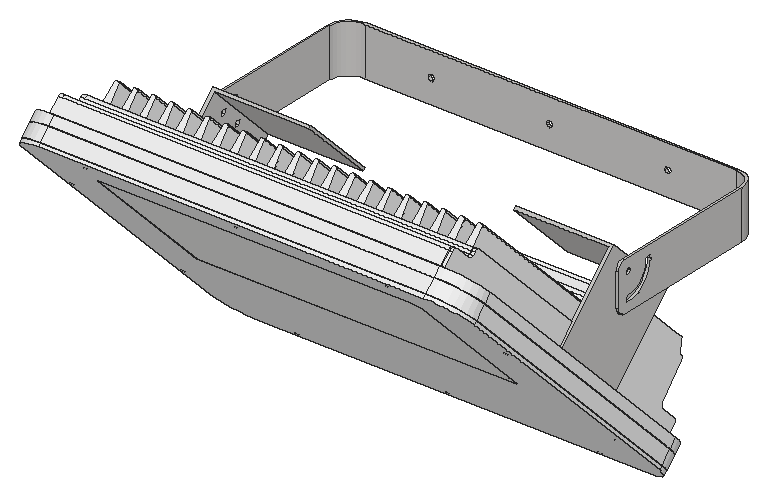
Revit family "FT ATEX LED MAX_2021", category Luminarias, Revit 2021 (continued)
Types (12, lengths in mm): name | Wattage | Power | Position | Archivo de red fotométrica | built-in parameter 1150142 | Modules | Lumens | built-in parameter 1150105 | built-in parameter 1150106 | Equiv MH
  PA104C | 45.1051 W | 48 W | 90.00° | "PA104C.ies" | "IESNA:LM-63-2002\r\n[TEST] 2020-10-3/Converted LDT Editor version 1.3.0.0 - DIAL GmbH (www.dial.de) on 05-10-2020\r\n[TESTLAB] ies2eulumdat.appspot.com\r\n[ISSUEDATE] 2020-10-06T06:27:59.875\r\n[MANUFAC] AIRFAL INTERNATIONAL S.L.\r\n[LUMCAT] PA104C\r\n[LUMINAIRE] LED MAX 50W 7122lm\r\n[LAMPCAT] TRIDONIC LED MODULE\r\n[LAMP] TRIDONIC LED MODULE\r\nTILT=NONE\r\n1\t7122\t1\t91\t72\t1\t2\t0.223\t0.100\t0.003\r\n1.0\t1.0\t55.00\r\n0\t 2\t 4\t 6\t 8\t 10\t 12\t 14\t 16\t 18\r\n20\t 22\t 24\t 26\t 28\t 30\t 32\t 34\t 36\t 38\r\n40\t 42\t 44\t 46\t 48\t 50\t 52\t 54\t 56\t 58\r\n60\t 62\t 64\t 66\t 68\t 70\t 72\t 74\t 76\t 78\r\n80\t 82\t 84\t 86\t 88\t 90\t 92\t 94\t 96\t 98\r\n100\t 102\t 104\t 106\t 108\t 110\t 112\t 114\t 116\t 118\r\n120\t 122\t 124\t 126\t 128\t 130\t 132\t 134\t 136\t 138\r\n140\t 142\t 144\t 146\t 148\t 150\t 152\t 154\t 156\t 158\r\n160\t 162\t 164\t 166\t 168\t 170\t 172\t 174\t 176\t 178\r\n180\r\n0\t 5\t 10\t 15\t 20\t 25\t 30\t 35\t 40\t 45\r\n50\t 55\t 60\t 65\t 70\t 75\t 80\t 85\t 90\t 95\r\n100\t 105\t 110\t 115\t 120\t 125\t 130\t 135\t 140\t 145\r\n150\t 155\t 160\t 165\t 170\t 175\t 180\t 185\t 190\t 195\r\n200\t 205\t 210\t 215\t 220\t 225\t 230\t 235\t 240\t 245\r\n250\t 255\t 260\t 265\t 270\t 275\t 280\t 285\t 290\t 295\r\n300\t 305\t 310\t 315\t 320\t 325\t 330\t 335\t 340\t 345\r\n350\t 355\r\n4123.2107\t4094.7939\t4061.9615\t4018.9446\t3957.6242\t3876.4334\t3782.9215\t3679.795\t3569.2615\t3440.0684\r\n3311.5163\t3188.2345\t3072.502\t2964.3901\t2858.1298\t2751.371\t2639.1995\t2526.8856\t2401.8945\t2265.8643\r\n2118.5813\t1947.2972\t1770.8853\t1589.9153\t1395.912\t1189.8013\t978.4916\t758.0657\t539.2778\t322.4842\r\n147.9239\t66.5907\t50.7799\t46.934\t42.091\t34.7554\t30.1973\t28.2031\t26.2802\t24.8558\r\n23.4314\t22.0782\t20.6538\t19.5143\t19.0157\t17.5201\t0\t0\t0\t0\r\n0\t0\t0\t0\t0\t0\t0\t0\t0\t0\r\n0\t0\t0\t0\t0\t0\t0\t0\t0\t0\r\n0\t0\t0\t0\t0\t0\t0\t0\t0\t0\r\n0\t0\t0\t0\t0\t0\t0\t0\t0\t0\r\n0\r\n4123.3531\t4096.0759\t4063.101\t4020.9388\t3960.5442\t3882.0598\t3789.545\t3686.917\t3576.7396\t3449.5407\r\n3318.852\t3196.0687\t3079.2679\t2967.7374\t2861.3347\t2753.7213\t2644.4698\t2533.3666\t2407.5209\t2271.9892\r\n2117.6555\t1948.3655\t1771.0277\t1588.847\t1398.5471\t1189.8013\t981.554\t765.5438\t547.4681\t329.891\r\n152.5532\t68.3712\t50.8511\t46.8628\t41.5925\t35.0402\t30.2685\t27.9895\t25.9241\t24.4997\r\n23.0753\t21.7221\t20.5826\t19.4431\t18.9445\t17.8762\t0\t0\t0\t0\r\n0\t0\t0\t0\t0\t0\t0\t0\t0\t0\r\n0\t0\t0\t0\t0\t0\t0\t0\t0\t0\r\n0\t0\t0\t0\t0\t0\t0\t0\t0\t0\r\n0\t0\t0\t0\t0\t0\t0\t0\t0\t0\r\n0\r\n4123.0682\t4095.8622\t4064.0981\t4022.5056\t3962.8232\t3885.7632\t3792.6074\t3690.1931\t3580.3718\t3452.3183\r\n3321.6296\t3198.7751\t3080.3362\t2969.0194\t2861.4772\t2753.0091\t2642.8318\t2531.7998\t2405.5979\t2269.5677\r\n2116.0886\t1947.0836\t1769.0336\t1583.7191\t1392.2798\t1182.9642\t970.1588\t758.3506\t541.6281\t323.6949\r\n150.2742\t69.7956\t51.9906\t47.2189\t42.091\t38.53\t32.6188\t29.2002\t26.8499\t24.9982\r\n23.645\t22.2919\t21.0811\t20.0128\t19.5143\t18.3035\t0\t0\t0\t0\r\n0\t0\t0\t0\t0\t0\t0\t0\t0\t0\r\n0\t0\t0\t0\t0\t0\t0\t0\t0\t0\r\n0\t0\t0\t0\t0\t0\t0\t0\t0\t0\r\n0\t0\t0\t0\t0\t0\t0\t0\t0\t0\r\n0\r\n4123.7092\t4098.3549\t4067.4454\t4027.7047\t3971.6545\t3896.7311\t3804.6436\t3701.9444\t3593.3339\t3465.6364\r\n3334.0219\t3208.2473\t3089.3099\t2977.0672\t2869.6675\t2759.5613\t2648.8855\t2534.9335\t2412.9336\t2277.5444\r\n2116.8721\t1951.9978\t1774.7312\t1587.9211\t1394.8437\t1185.9554\t977.6369\t763.6921\t547.3969\t329.9623\r\n157.6811\t74.9947\t54.2696\t47.7886\t42.8744\t40.7378\t35.4676\t30.9807\t28.0607\t26.2802\r\n24.4285\t22.7904\t21.2236\t20.0128\t19.6567\t18.8021\t0\t0\t0\t0\r\n0\t0\t0\t0\t0\t0\t0\t0\t0\t0\r\n0\t0\t0\t0\t0\t0\t0\t0\t0\t0\r\n0\t0\t0\t0\t0\t0\t0\t0\t0\t0\r\n0\t0\t0\t0\t0\t0\t0\t0\t0\t0\r\n0\r\n4121.6438\t4097.2866\t4068.0864\t4028.6305\t3976.1414\t3902.0014\t3812.1217\t3708.4966\t3598.1768\t3470.6218\r\n3336.9419\t3210.8825\t3092.3724\t2979.3463\t2869.7387\t2759.2052\t2646.1079\t2530.4466\t2408.0194\t2274.4107\r\n2119.0087\t1949.2202\t1771.1702\t1583.5767\t1389.7159\t1179.4744\t971.3696\t757.1398\t538.7793\t323.8373\r\n155.7581\t77.5586\t55.694\t47.9311\t43.2305\t42.1622\t37.1768\t32.6188\t29.9124\t27.847\r\n25.8529\t24.2148\t22.5767\t21.0099\t20.4401\t19.2294\t0\t0\t0\t0\r\n0\t0\t0\t0\t0\t0\t0\t0\t0\t0\r\n0\t0\t0\t0\t0\t0\t0\t0\t0\t0\r\n0\t0\t0\t0\t0\t0\t0\t0\t0\t0\r\n0\t0\t0\t0\t0\t0\t0\t0\t0\t0\r\n0\r\n4123.3531\t4100.0642\t4071.6474\t4034.613\t3985.4\t3914.3936\t3826.6506\t3723.3104\t3611.8511\t3485.4356\r\n3352.0405\t3221.2806\t3102.6993\t2989.1746\t2875.8636\t2763.2648\t2648.2445\t2534.5774\t2411.7229\t2277.0458\r\n2117.0857\t1948.6504\t1769.7458\t1587.7787\t1392.9208\t1187.5935\t980.2009\t761.4842\t545.1179\t330.3896\r\n160.886\t81.4045\t57.617\t47.7886\t43.0169\t41.3076\t38.7437\t33.1885\t30.1973\t28.1319\r\n26.209\t24.4997\t22.8616\t21.0811\t20.2265\t19.4431\t0\t0\t0\t0\r\n0\t0\t0\t0\t0\t0\t0\t0\t0\t0\r\n0\t0\t0\t0\t0\t0\t0\t0\t0\t0\r\n0\t0\t0\t0\t0\t0\t0\t0\t0\t0\r\n0\t0\t0\t0\t0\t0\t0\t0\t0\t0\r\n0\r\n4122.997\t4101.4174\t4073.0006\t4039.3135\t3991.3825\t3923.0825\t3837.9034\t3732.9251\t3620.6824\t3493.7683\r\n3358.0942\t3227.2631\t3106.3315\t2991.7385\t2876.006\t2761.4131\t2647.4611\t2533.5803\t2409.4438\t2271.7043\r\n2116.516\t1944.0923\t1764.4043\t1578.3776\t1382.6651\t1177.9788\t972.0106\t754.0774\t536.0017\t321.7007\r\n158.2508\t81.262\t58.0443\t47.575\t42.8032\t39.6695\t38.4588\t33.331\t30.4822\t28.5592\r\n26.5651\t24.7846\t23.1465\t21.366\t20.5826\t19.5143\t0\t0\t0\t0\r\n0\t0\t0\t0\t0\t0\t0\t0\t0\t0\r\n0\t0\t0\t0\t0\t0\t0\t0\t0\t0\r\n0\t0\t0\t0\t0\t0\t0\t0\t0\t0\r\n0\t0\t0\t0\t0\t0\t0\t0\t0\t0\r\n0\r\n4122.997\t4103.1266\t4077.8435\t4045.0111\t3999.7864\t3936.6143\t3853.9279\t3751.6559\t3638.4874\t3510.7899\r\n3373.9051\t3241.8632\t3118.795\t2999.2879\t2885.9056\t2770.6717\t2656.506\t2541.9842\t2417.1356\t2279.5385\r\n2116.0886\t1941.2435\t1761.8404\t1579.5172\t1386.9383\t1179.1895\t975.2155\t759.6325\t543.9071\t327.1847\r\n161.9543\t84.1108\t59.6111\t48.2159\t42.8744\t38.6012\t37.4617\t33.4022\t30.2685\t28.2031\r\n26.0665\t24.2148\t22.2919\t20.5114\t19.8704\t19.1582\t0\t0\t0\t0\r\n0\t0\t0\t0\t0\t0\t0\t0\t0\t0\r\n0\t0\t0\t0\t0\t0\t0\t0\t0\t0\r\n0\t0\t0\t0\t0\t0\t0\t0\t0\t0\r\n0\t0\t0\t0\t0\t0\t0\t0\t0\t0\r\n0\r\n4123.4243\t4104.9784\t4080.4075\t4048.4297\t4006.4099\t3946.1578\t3864.967\t3763.4785\t3648.6718\t3523.3958\r\n3384.3744\t3251.193\t3126.4156\t3005.9825\t2891.1047\t2776.2268\t2660.1382\t2543.1238\t2416.0673\t2276.761\r\n2119.0087\t1938.3235\t1758.1369\t1576.0986\t1380.1724\t1172.9934\t965.2447\t750.6588\t536.5715\t319.849\r\n158.0372\t84.6094\t60.6082\t48.572\t43.5154\t39.2422\t37.1768\t34.1856\t30.5534\t28.4168\r\n26.209\t24.1436\t22.2206\t20.5826\t19.6567\t18.8733\t0\t0\t0\t0\r\n0\t0\t0\t0\t0\t0\t0\t0\t0\t0\r\n0\t0\t0\t0\t0\t0\t0\t0\t0\t0\r\n0\t0\t0\t0\t0\t0\t0\t0\t0\t0\r\n0\t0\t0\t0\t0\t0\t0\t0\t0\t0\r\n0\r\n4122.997\t4107.0437\t4084.1109\t4053.6287\t4014.3153\t3957.8378\t3879.9232\t3781.782\t3667.6876\t3543.4799\r\n3402.8916\t3268.0009\t3141.3005\t3018.8734\t2902.0013\t2787.3371\t2668.8271\t2549.3911\t2421.4088\t2285.3786\r\n2114.7355\t1939.3918\t1761.1282\t1578.805\t1385.87\t1176.6256\t969.5891\t755.1457\t541.2008\t325.9739\r\n161.8831\t88.4552\t62.4599\t49.854\t44.5125\t39.812\t36.6071\t34.4705\t30.5534\t27.6334\r\n25.8529\t23.8587\t21.6509\t20.084\t19.087\t18.5172\t0\t0\t0\t0\r\n0\t0\t0\t0\t0\t0\t0\t0\t0\t0\r\n0\t0\t0\t0\t0\t0\t0\t0\t0\t0\r\n0\t0\t0\t0\t0\t0\t0\t0\t0\t0\r\n0\t0\t0\t0\t0\t0\t0\t0\t0\t0\r\n0\r\n4123.8517\t4109.4652\t4088.3129\t4058.0444\t4019.5856\t3963.8203\t3889.3954\t3792.3226\t3680.3647\t3558.9346\r\n3416.4946\t3278.8976\t3150.6304\t3027.0637\t2909.0521\t2790.3284\t2669.7529\t2549.4623\t2422.9756\t2283.9542\r\n2119.0087\t1936.1869\t1756.9262\t1573.6771\t1381.668\t1169.7885\t964.5325\t745.9583\t532.2271\t320.9173\r\n159.604\t89.025\t63.5995\t50.1389\t44.7262\t40.1681\t37.0344\t34.7554\t31.0519\t28.1319\r\n26.2802\t24.1436\t22.1494\t20.5114\t19.3718\t18.5172\t0\t0\t0\t0\r\n0\t0\t0\t0\t0\t0\t0\t0\t0\t0\r\n0\t0\t0\t0\t0\t0\t0\t0\t0\t0\r\n0\t0\t0\t0\t0\t0\t0\t0\t0\t0\r\n0\t0\t0\t0\t0\t0\t0\t0\t0\t0\r\n0\r\n4122.997\t4109.4652\t4091.5178\t4062.6737\t4024.7846\t3972.0106\t3899.5087\t3807.35\t3699.0244\t3581.2977\r\n3441.8489\t3299.765\t3166.5836\t3040.2394\t2920.3049\t2799.8006\t2679.0115\t2557.9375\t2429.9552\t2291.4323\r\n2123.2819\t1936.543\t1754.5047\t1573.0361\t1380.1724\t1171.7114\t967.8798\t751.6559\t539.1354\t326.6149\r\n162.5953\t91.0904\t64.4541\t50.7086\t44.5125\t40.0969\t37.1768\t33.9007\t31.1231\t28.2031\r\n26.3514\t24.4285\t22.2919\t20.5826\t19.4431\t18.5172\t0\t0\t0\t0\r\n0\t0\t0\t0\t0\t0\t0\t0\t0\t0\r\n0\t0\t0\t0\t0\t0\t0\t0\t0\t0\r\n0\t0\t0\t0\t0\t0\t0\t0\t0\t0\r\n0\t0\t0\t0\t0\t0\t0\t0\t0\t0\r\n0\r\n4123.8517\t4112.955\t4096.6456\t4069.3684\t4030.411\t3978.2068\t3908.696\t3817.7481\t3714.3367\t3599.8861\r\n3460.5086\t3315.0773\t3178.8335\t3049.7828\t2926.2161\t2804.5012\t2683.3559\t2558.7922\t2430.3113\t2287.6576\r\n2123.2819\t1937.0416\t1743.1095\t1556.2282\t1363.5781\t1161.3845\t956.7695\t742.5397\t529.948\t319.849\r\n157.325\t88.3128\t63.5995\t50.2813\t44.0852\t40.5242\t37.5329\t33.8295\t31.2656\t28.6304\r\n26.7787\t25.0694\t23.2889\t21.7221\t20.2265\t18.9445\t0\t0\t0\t0\r\n0\t0\t0\t0\t0\t0\t0\t0\t0\t0\r\n0\t0\t0\t0\t0\t0\t0\t0\t0\t0\r\n0\t0\t0\t0\t0\t0\t0\t0\t0\t0\r\n0\t0\t0\t0\t0\t0\t0\t0\t0\t0\r\n0\r\n4122.9258\t4114.4506\t4101.9159\t4076.2767\t4037.6755\t3985.6136\t3918.9517\t3834.1287\t3734.4207\t3623.0326\r\n3487.9995\t3340.6453\t3201.0541\t3067.1605\t2940.3889\t2814.8281\t2692.8994\t2568.8342\t2437.9318\t2295.7055\r\n2123.7092\t1933.6942\t1742.1124\t1548.394\t1352.539\t1157.1826\t963.2505\t748.8071\t538.0671\t327.8257\r\n160.0313\t87.5294\t62.6736\t49.854\t43.6579\t41.2364\t37.1768\t33.2597\t30.5534\t28.3456\r\n26.4226\t24.8558\t23.3602\t21.7933\t20.2977\t19.4431\t0\t0\t0\t0\r\n0\t0\t0\t0\t0\t0\t0\t0\t0\t0\r\n0\t0\t0\t0\t0\t0\t0\t0\t0\t0\r\n0\t0\t0\t0\t0\t0\t0\t0\t0\t0\r\n0\t0\t0\t0\t0\t0\t0\t0\t0\t0\r\n0\r\n4122.5697\t4116.4448\t4106.4028\t4080.9772\t4044.7262\t3991.4537\t3925.8601\t3846.3073\t3750.0179\t3640.2679\r\n3507.7987\t3360.5157\t3215.2269\t3077.2025\t2948.7929\t2819.8135\t2697.6712\t2570.8283\t2437.2908\t2291.9308\r\n2120.7892\t1929.7771\t1736.9134\t1540.3462\t1343.2092\t1146.9981\t957.1256\t747.3115\t535.5032\t323.6237\r\n156.9689\t83.6835\t60.3946\t49.3555\t43.8715\t42.6608\t37.1056\t32.9036\t30.1261\t28.1319\r\n26.2802\t24.8558\t23.4314\t22.0782\t20.5826\t19.5143\t0\t0\t0\t0\r\n0\t0\t0\t0\t0\t0\t0\t0\t0\t0\r\n0\t0\t0\t0\t0\t0\t0\t0\t0\t0\r\n0\t0\t0\t0\t0\t0\t0\t0\t0\t0\r\n0\t0\t0\t0\t0\t0\t0\t0\t0\t0\r\n0\r\n4124.1365\t4119.8633\t4111.9579\t4090.4495\t4053.4151\t4002.9913\t3941.2436\t3866.4626\t3772.5946\t3667.1178\r\n3538.8506\t3385.3715\t3239.5129\t3097.7851\t2964.034\t2834.556\t2709.28\t2580.5855\t2447.6177\t2300.406\r\n2122.7833\t1930.7742\t1742.0412\t1546.3999\t1349.0492\t1152.1972\t960.3305\t757.6384\t548.9638\t335.0901\r\n163.9484\t82.544\t59.6111\t49.213\t44.0852\t43.5154\t36.3934\t31.8353\t29.129\t26.9924\r\n25.0694\t23.645\t22.3631\t21.0811\t19.4431\t18.8021\t0\t0\t0\t0\r\n0\t0\t0\t0\t0\t0\t0\t0\t0\t0\r\n0\t0\t0\t0\t0\t0\t0\t0\t0\t0\r\n0\t0\t0\t0\t0\t0\t0\t0\t0\t0\r\n0\t0\t0\t0\t0\t0\t0\t0\t0\t0\r\n0\r\n4123.4243\t4121.1453\t4116.8721\t4096.0759\t4061.8903\t4011.2528\t3952.2827\t3880.9915\t3788.904\t3685.1365\r\n3558.8634\t3402.1082\t3251.4779\t3107.0437\t2969.5179\t2837.9033\t2710.9181\t2582.7221\t2446.6207\t2296.204\r\n2122.1423\t1933.1245\t1740.6168\t1538.7793\t1344.1351\t1148.6362\t952.069\t755.0032\t548.2516\t336.1584\r\n161.8831\t78.5557\t57.617\t48.7145\t44.014\t43.2305\t35.3963\t30.6246\t27.9182\t26.0665\r\n24.286\t23.1465\t21.8645\t20.2265\t19.1582\t18.1611\t0\t0\t0\t0\r\n0\t0\t0\t0\t0\t0\t0\t0\t0\t0\r\n0\t0\t0\t0\t0\t0\t0\t0\t0\t0\r\n0\t0\t0\t0\t0\t0\t0\t0\t0\t0\r\n0\t0\t0\t0\t0\t0\t0\t0\t0\t0\r\n0\r\n4124.1365\t4124.1365\t4122.2136\t4106.2603\t4073.4991\t4024.9271\t3968.4496\t3903.497\t3816.9647\t3714.6928\r\n3586.2119\t3426.3942\t3271.918\t3123.7804\t2982.4087\t2849.8683\t2722.4557\t2594.6158\t2456.1641\t2306.1748\r\n2128.6234\t1937.6825\t1740.688\t1541.2008\t1346.8414\t1151.0576\t961.6837\t766.7545\t562.3531\t351.8268\r\n169.646\t78.1996\t56.9048\t48.5008\t44.2988\t41.5925\t33.7583\t29.4851\t26.7787\t25.0694\r\n23.3602\t21.7933\t20.725\t19.3718\t18.3748\t17.5913\t0\t0\t0\t0\r\n0\t0\t0\t0\t0\t0\t0\t0\t0\t0\r\n0\t0\t0\t0\t0\t0\t0\t0\t0\t0\r\n0\t0\t0\t0\t0\t0\t0\t0\t0\t0\r\n0\t0\t0\t0\t0\t0\t0\t0\t0\t0\r\n0\r\n4124.1365\t4125.7034\t4126.9141\t4114.4506\t4085.5353\t4041.8774\t3987.038\t3925.9313\t3844.9541\t3744.4627\r\n3617.1214\t3456.1642\t3297.2723\t3146.0723\t3000.641\t2868.0294\t2740.2607\t2608.7174\t2470.4794\t2323.4813\r\n2145.4313\t1955.5588\t1755.5018\t1551.5277\t1356.8122\t1165.3729\t975.8564\t784.4883\t580.7279\t372.7655\r\n180.8988\t81.4757\t60.2521\t52.6316\t48.7145\t43.8715\t37.6042\t33.6158\t30.3397\t28.7017\r\n26.5651\t24.9982\t23.9299\t22.5767\t21.366\t20.7962\t0\t0\t0\t0\r\n0\t0\t0\t0\t0\t0\t0\t0\t0\t0\r\n0\t0\t0\t0\t0\t0\t0\t0\t0\t0\r\n0\t0\t0\t0\t0\t0\t0\t0\t0\t0\r\n0\t0\t0\t0\t0\t0\t0\t0\t0\t0\r\n0\r\n4124.1365\t4128.0536\t4131.1873\t4120.2907\t4093.5832\t4051.9907\t4000.4274\t3942.4543\t3861.1211\t3760.6297\r\n3634.2854\t3470.693\t3305.6051\t3150.844\t3005.3416\t2872.2314\t2742.1837\t2609.7145\t2470.693\t2324.3359\r\n2152.3396\t1959.5471\t1756.3564\t1546.756\t1355.7439\t1164.2333\t973.0076\t783.4912\t577.6654\t371.4835\r\n176.4119\t78.1996\t59.255\t52.7028\t48.9994\t43.5154\t38.6012\t34.2568\t30.9807\t29.2002\r\n27.3485\t25.568\t24.286\t22.7192\t21.6509\t20.7962\t0\t0\t0\t0\r\n0\t0\t0\t0\t0\t0\t0\t0\t0\t0\r\n0\t0\t0\t0\t0\t0\t0\t0\t0\t0\r\n0\t0\t0\t0\t0\t0\t0\t0\t0\t0\r\n0\t0\t0\t0\t0\t0\t0\t0\t0\t0\r\n0\r\n4124.5639\t4130.119\t4135.0332\t4126.0595\t4102.6281\t4062.8161\t4013.8168\t3959.5471\t3881.9885\t3780.8561\r\n3656.8621\t3499.3235\t3323.8374\t3166.0851\t3020.4402\t2884.5524\t2752.7242\t2617.6911\t2481.7321\t2334.3067\r\n2161.1709\t1972.7228\t1771.7399\t1560.9287\t1369.1333\t1177.6227\t983.9755\t790.3283\t585.5708\t381.9529\r\n183.89\t76.7752\t58.6853\t52.6316\t49.213\t45.0823\t40.1681\t34.7554\t31.5505\t29.6987\r\n27.4909\t25.7104\t24.4285\t22.7904\t21.7221\t20.7962\t0\t0\t0\t0\r\n0\t0\t0\t0\t0\t0\t0\t0\t0\t0\r\n0\t0\t0\t0\t0\t0\t0\t0\t0\t0\r\n0\t0\t0\t0\t0\t0\t0\t0\t0\t0\r\n0\t0\t0\t0\t0\t0\t0\t0\t0\t0\r\n0\r\n4123.3531\t4130.3327\t4138.1669\t4130.4039\t4108.3969\t4070.5079\t4020.9388\t3966.0994\t3892.2442\t3789.1889\r\n3666.8329\t3510.7899\t3330.7457\t3170.9993\t3022.7905\t2886.0481\t2754.4335\t2618.3321\t2482.017\t2331.3155\r\n2166.2987\t1980.2009\t1778.6483\t1567.2673\t1374.4036\t1177.6939\t984.6877\t783.2063\t577.3093\t378.8904\r\n176.6256\t73.5703\t57.7594\t52.3467\t48.7857\t45.0823\t40.0256\t35.5388\t32.69\t30.6246\r\n28.488\t26.6363\t25.2119\t23.5738\t22.2206\t20.7962\t0\t0\t0\t0\r\n0\t0\t0\t0\t0\t0\t0\t0\t0\t0\r\n0\t0\t0\t0\t0\t0\t0\t0\t0\t0\r\n0\t0\t0\t0\t0\t0\t0\t0\t0\t0\r\n0\t0\t0\t0\t0\t0\t0\t0\t0\t0\r\n0\r\n4123.9229\t4133.1103\t4142.8674\t4136.5288\t4116.516\t4080.9772\t4031.9066\t3975.2867\t3901.5028\t3800.9402\r\n3681.0057\t3531.871\t3349.7615\t3188.4482\t3036.1798\t2897.5145\t2765.5438\t2630.0122\t2490.4922\t2342.2834\r\n2174.4178\t1987.9639\t1788.1205\t1579.3747\t1387.7217\t1188.3769\t994.2312\t788.4054\t584.4313\t381.1694\r\n178.1212\t72.8581\t57.2609\t51.9906\t48.0735\t44.0852\t39.171\t35.61\t32.9749\t30.6958\r\n28.6304\t27.0636\t25.7104\t23.9299\t22.5767\t21.2236\t0\t0\t0\t0\r\n0\t0\t0\t0\t0\t0\t0\t0\t0\t0\r\n0\t0\t0\t0\t0\t0\t0\t0\t0\t0\r\n0\t0\t0\t0\t0\t0\t0\t0\t0\t0\r\n0\t0\t0\t0\t0\t0\t0\t0\t0\t0\r\n0\r\n4124.1365\t4134.321\t4144.363\t4140.5171\t4121.8575\t4085.0368\t4034.2569\t3974.1472\t3900.6482\t3802.0797\r\n3682.6438\t3541.6282\t3359.1625\t3194.5019\t3037.6042\t2898.5116\t2767.7516\t2629.3\t2488.7117\t2341.7848\r\n2176.8393\t1988.9609\t1782.2093\t1578.0928\t1384.8017\t1185.172\t985.3287\t782.9215\t576.7396\t361.94\r\n163.5211\t71.3624\t56.976\t51.4921\t47.6462\t43.8715\t39.0998\t36.0373\t33.331\t31.1944\r\n29.4139\t27.9182\t26.6363\t24.9982\t23.2889\t21.7933\t0\t0\t0\t0\r\n0\t0\t0\t0\t0\t0\t0\t0\t0\t0\r\n0\t0\t0\t0\t0\t0\t0\t0\t0\t0\r\n0\t0\t0\t0\t0\t0\t0\t0\t0\t0\r\n0\t0\t0\t0\t0\t0\t0\t0\t0\t0\r\n0\r\n4124.279\t4135.4605\t4147.1406\t4144.7191\t4128.6234\t4093.4407\t4042.3048\t3978.5629\t3903.2121\t3805.3558\r\n3690.1931\t3558.5073\t3378.8192\t3210.5976\t3049.7116\t2905.6336\t2772.5234\t2637.9176\t2496.4747\t2350.0463\r\n2181.0413\t1993.8751\t1785.2005\t1585.6421\t1393.9891\t1189.8013\t992.0234\t791.6103\t574.4605\t354.0346\r\n162.0967\t72.5732\t57.5458\t51.4208\t47.575\t44.014\t39.5271\t36.3934\t33.4734\t31.408\r\n29.6275\t28.0607\t26.4226\t25.0694\t23.3602\t21.8645\t0\t0\t0\t0\r\n0\t0\t0\t0\t0\t0\t0\t0\t0\t0\r\n0\t0\t0\t0\t0\t0\t0\t0\t0\t0\r\n0\t0\t0\t0\t0\t0\t0\t0\t0\t0\r\n0\t0\t0\t0\t0\t0\t0\t0\t0\t0\r\n0\r\n4123.7092\t4136.5288\t4147.8528\t4147.1406\t4131.7571\t4096.9305\t4044.2277\t3979.0614\t3902.2862\t3803.2904\r\n3692.116\t3563.1366\t3386.3686\t3215.6542\t3051.6346\t2904.7077\t2768.3214\t2634.7839\t2497.4717\t2348.7644\r\n2183.4628\t1994.9434\t1784.4883\t1583.5767\t1392.0661\t1187.3798\t988.7473\t786.1264\t559.2194\t328.6091\r\n152.6245\t72.9293\t58.1155\t51.4208\t47.7174\t44.2276\t40.1681\t36.9632\t34.328\t32.1914\r\n30.1973\t28.6304\t26.8499\t25.0694\t23.7875\t22.3631\t0\t0\t0\t0\r\n0\t0\t0\t0\t0\t0\t0\t0\t0\t0\r\n0\t0\t0\t0\t0\t0\t0\t0\t0\t0\r\n0\t0\t0\t0\t0\t0\t0\t0\t0\t0\r\n0\t0\t0\t0\t0\t0\t0\t0\t0\t0\r\n0\r\n4122.7121\t4137.0274\t4148.7074\t4149.4196\t4134.5347\t4099.7793\t4049.5692\t3985.6136\t3910.0492\t3811.1959\r\n3700.2351\t3572.8225\t3401.4672\t3225.8387\t3060.2522\t2910.7614\t2771.1702\t2640.4103\t2504.4513\t2356.8835\r\n2188.3769\t2000.2849\t1792.5362\t1590.0577\t1399.473\t1196.7097\t1000\t794.9576\t562.3531\t325.7603\r\n155.7581\t75.9917\t59.5399\t51.7769\t47.9311\t44.0852\t40.5242\t36.9632\t34.3993\t32.2627\r\n30.2685\t28.5592\t26.4938\t24.4997\t23.3602\t21.7933\t0\t0\t0\t0\r\n0\t0\t0\t0\t0\t0\t0\t0\t0\t0\r\n0\t0\t0\t0\t0\t0\t0\t0\t0\t0\r\n0\t0\t0\t0\t0\t0\t0\t0\t0\t0\r\n0\t0\t0\t0\t0\t0\t0\t0\t0\t0\r\n0\r\n4124.0653\t4138.8791\t4150.4879\t4150.5592\t4135.8878\t4100.0642\t4053.8424\t3992.3083\t3916.7439\t3816.8222\r\n3702.6566\t3572.1815\t3402.6067\t3225.0553\t3059.2551\t2910.3341\t2768.179\t2635.14\t2501.3176\t2355.9576\r\n2189.8013\t2000.9971\t1789.8298\t1592.6929\t1399.2593\t1196.7809\t999.9288\t787.7644\t553.9492\t320.9173\r\n151.9123\t77.8435\t60.3233\t52.2043\t48.2159\t44.0852\t40.6666\t37.6754\t34.8266\t32.4051\r\n30.6958\t28.9865\t26.8499\t24.927\t23.645\t22.007\t0\t0\t0\t0\r\n0\t0\t0\t0\t0\t0\t0\t0\t0\t0\r\n0\t0\t0\t0\t0\t0\t0\t0\t0\t0\r\n0\t0\t0\t0\t0\t0\t0\t0\t0\t0\r\n0\t0\t0\t0\t0\t0\t0\t0\t0\t0\r\n0\r\n4122.356\t4138.1669\t4148.9923\t4150.5592\t4135.4605\t4103.2691\t4060.822\t4003.2762\t3928.1391\t3832.2058\r\n3714.6928\t3580.0157\t3412.8624\t3233.6017\t3066.2347\t2912.8268\t2771.3126\t2636.3507\t2503.7391\t2361.1
